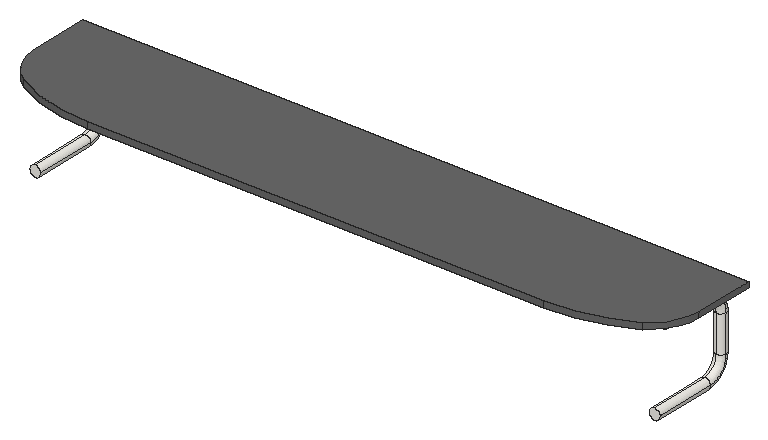
Revit family "FU_Table_Sandler_Reunion 1284", category Furniture, Revit 2020
Family settings
  OmniClass Number = 23.40.20.00
  OmniClass Title = General Furniture and Specialties
  Work Plane-Based = No
  Always vertical = Yes
  Cut with Voids When Loaded = No
  Shared = No
  Room Calculation Point = No
Parameters (values of type "Reunion 1284")
  Width = 1120 mm
  URL = "https://www.sandlerseating.com/product/reunion-1284/"
  Shelf Material [instance] = FENIX - Black
  Model = "Reunion 1284"
  Manufacturer = "Sandler"
  Height = 844.244 mm
  Frame Material [instance] = Metal - Paint -AL VR - Pure White
  Description = "Shelf for Reunion Desk. L.120cm. A conveniently attached shelf for keeping the workspace tidy."
  Depth = 210 mm
  Default Elevation = 0 mm
Reference planes
  plane 1 "Center (Front/Back)": y = 0
  plane 2: z = 0
  plane 3 "Center (Left/Right)": x = 0
  plane 4 "Right": x = -560
  plane 5 "Left": x = 560
  plane 6 "Back": y = 340.855
  plane 7 "Front": y = 130.855
  plane 8 "Height": z = 844.244
  plane 9 "Top Base": z = 834.244
  plane 10 "Top Support R FRONT": x = -520.971
  plane 11 "Top Support L FRONT": x = 520.971
  plane 12 "R Top Curve TOP": x = -370.775
  plane 13 "L Top Curve TOP": x = 370.775
Forms (mm)
  Sweep 1, solid, material "Metal - Paint -AL VR - Pure White" <- "Frame Material"
    path origin (520.971, 0, 0) x (0, 0, 1) y (0, -1, 0)
      loop
        line (825.244, -210.959) -> (825.244, -296.974)
        arc (825.244, -296.974) -> (815.283, -321.022) -> (791.234, -330.983) r 34.009
        line (791.234, -330.983) -> (729.244, -330.983)
        arc (729.244, -330.983) -> (705.202, -321.025) -> (695.244, -296.983) r 34
        line (695.244, -296.983) -> (695.244, -192.954)
    profile "Pro_Circles : 18mm" origin (520.971, 253.966, 825.244) x (0, 0, -1) y (-1, 0, 0)
      loop
        arc (-8.967, 0.067) -> (-6.408, -6.313) -> (-0.067, -8.967) r 8.901
        arc (-0.067, -8.967) -> (6.361, -6.361) -> (8.967, 0.067) r 8.901
        arc (8.967, 0.067) -> (6.313, 6.407) -> (-0.067, 8.967) r 8.901
        arc (-0.067, 8.967) -> (-6.36, 6.36) -> (-8.967, 0.067) r 8.9
  Sweep 2, solid, material "Metal - Paint -AL VR - Pure White" <- "Frame Material"
    path origin (-520.971, 0, 0) x (0, 0, 1) y (0, -1, 0)
      loop
        line (825.244, -210.959) -> (825.244, -296.974)
        arc (825.244, -296.974) -> (815.283, -321.022) -> (791.234, -330.983) r 34.009
        line (791.234, -330.983) -> (729.244, -330.983)
        arc (729.244, -330.983) -> (705.202, -321.025) -> (695.244, -296.983) r 34
        line (695.244, -296.983) -> (695.244, -192.954)
    profile "Pro_Circles : 18mm" origin (-520.971, 253.966, 825.244) x (0, 0, 1) y (1, 0, 0)
      loop
        arc (8.967, 0.067) -> (6.36, 6.36) -> (0.067, 8.967) r 8.9
        arc (0.067, 8.967) -> (-6.313, 6.407) -> (-8.967, 0.067) r 8.901
        arc (-8.967, 0.067) -> (-6.361, -6.361) -> (0.067, -8.967) r 8.901
        arc (0.067, -8.967) -> (6.408, -6.313) -> (8.967, 0.067) r 8.901
  Extrusion 3, solid, material "FENIX - Black" <- "Shelf Material"
    sketch origin (0, 0, 834.244) x (-1, 0, 0) y (0, -1, 0)
      loop
        line (560, -340) -> (560, -237.105)
        arc (560, -237.105) -> (548.657, -197.029) -> (520.343, -166.482) r 89.132
        arc (520.343, -166.482) -> (454.301, -140.659) -> (384.07, -130.855) r 303.693
        line (384.07, -130.855) -> (-383.943, -130.855)
        arc (-383.943, -130.855) -> (-454.606, -140.773) -> (-521.005, -166.904) r 303.693
        arc (-521.005, -166.904) -> (-548.69, -197.029) -> (-560, -236.35) r 89.132
        line (-560, -236.35) -> (-560, -340) -> (560, -340)
    from 0 to 10
Lines and regions (mm)
  reference lines
    curve 1: line (520.971, 212.967, 816.244) -> (520.971, 212.967, 834.244)
    curve 2: line (520.971, 296.967, 816.244) -> (520.971, 296.967, 834.244)
    curve 3: line (520.971, 321.967, 791.244) -> (520.971, 340, 791.244)
    curve 4: line (520.971, 322.033, 729.244) -> (520.971, 339.967, 729.244)
    curve 5: line (520.971, 297.025, 704.244) -> (520.971, 297.025, 686.244)
    curve 6: line (520.971, 192.954, 704.244) -> (520.971, 192.954, 686.244)
    curve 7: line (-520.971, 162.642, 834.244) -> (-520.971, 170.625, 834.244)
    curve 8: line (-523.779, 166.904, 834.244) -> (-518.231, 166.904, 834.244)
Dimensions and locks
  equal spacing: plane 4 "Right", plane 3 "Center (Left/Right)", plane 5 "Left"
  "Width": plane 4 "Right" to plane 5 "Left"
  plane 6 "Back" to plane 7 "Front" to plane 1 "Center (Front/Back)" = 210 mm, 130.855 mm
  "Depth": plane 6 "Back" to plane 7 "Front"
  "Height": plane 8 "Height" to level
  plane 9 "Top Base" to level = 834.244 mm
  plane 4 "Right" to plane 10 "Top Support R FRONT" to plane 12 "R Top Curve TOP" = 39.029 mm locked, 150.196 mm locked
  plane 13 "L Top Curve TOP" to plane 11 "Top Support L FRONT" to plane 5 "Left" = 150.196 mm locked, 39.029 mm locked
  aligned and locked: level to plane 2
Automatic sketch dimensions
  curve 1 to plane 9 "Top Base" = 0 mm
  curve 2 to plane 9 "Top Base" = 0 mm
  plane 6 "Back" to curve 3 = 0.855 mm
  plane 9 "Top Base" to curve 1 = 18 mm
  plane 9 "Top Base" to curve 2 = 18 mm
  plane 9 "Top Base" to curve 3 = 43 mm
  plane 6 "Back" to curve 4 = 18.823 mm
  curve 4 to curve 3 = 62 mm
  curve 6 to curve 1 = 112 mm
  curve 5 to curve 4 = 25 mm
  curve 6 to curve 6 = 18.001 mm
  curve 5 to curve 5 = 18.001 mm
  plane 6 "Back" to curve 4 = 0.889 mm
  curve 3 to curve 3 = 18.033 mm
  plane 6 "Back" to curve 5 = 43.831 mm
  curve 3 to curve 2 = 25 mm
  curve 1 to plane 7 "Front" = 82.111 mm
  curve 6 to plane 7 "Front" = 62.098 mm
  plane 6 "Back" to Sweep 1 sketch curve = 43.872 mm
  plane 9 "Top Base" to Sweep 1 sketch curve = 139 mm
  plane 6 "Back" to Sweep 1 sketch curve = 9.872 mm
  plane 9 "Top Base" to Sweep 1 sketch curve = 43.009 mm
  plane 9 "Top Base" to Sweep 1 sketch curve = 9 mm
  Sweep 1 sketch curve to plane 7 "Front" = 80.104 mm
  Sweep 1 sketch curve to plane 7 "Front" = 62.098 mm
  curve 7 to plane 10 "Top Support R FRONT" = 0 mm
  plane 7 "Front" to curve 7 = 39.769 mm
  plane 10 "Top Support R FRONT" to curve 8 = 2.741 mm
  curve 8 to plane 10 "Top Support R FRONT" = 2.808 mm
  curve 7 to curve 8 = 3.72 mm
  curve 8 to curve 7 = 4.263 mm
  Extrusion 3 sketch curve to plane 5 "Left" = 0 mm
  Extrusion 3 sketch curve to plane 4 "Right" = 0 mm
  plane 11 "Top Support L FRONT" to Extrusion 3 sketch curve = 49.999 mm
  plane 13 "L Top Curve TOP" to Extrusion 3 sketch curve = 6.584 mm
  plane 12 "R Top Curve TOP" to Extrusion 3 sketch curve = 6.711 mm
  plane 12 "R Top Curve TOP" to Extrusion 3 sketch curve = 13.295 mm
  plane 10 "Top Support R FRONT" to Extrusion 3 sketch curve = 50.032 mm
  Extrusion 3 sketch curve to plane 6 "Back" = 103.751 mm
  Extrusion 3 sketch curve to Extrusion 3 sketch curve = 109.814 mm
  Extrusion 3 sketch curve to Extrusion 3 sketch curve = 3.565 mm
  Extrusion 3 sketch curve to plane 6 "Back" = 0.855 mm
  plane 6 "Back" to Extrusion 3 sketch curve = 93.622 mm  (x2)
  Extrusion 3 sketch curve to plane 11 "Top Support L FRONT" = 0.033 mm
  plane 13 "L Top Curve TOP" to Extrusion 3 sketch curve = 13.168 mm
  Extrusion 3 sketch curve to plane 7 "Front" = 0 mm
  Sweep 2 sketch curve to plane 6 "Back" = 43.872 mm
  Sweep 2 sketch curve to plane 9 "Top Base" = 139 mm
  Sweep 2 sketch curve to plane 6 "Back" = 9.872 mm
  Sweep 2 sketch curve to plane 9 "Top Base" = 43.009 mm
  Sweep 2 sketch curve to plane 9 "Top Base" = 9 mm
  plane 7 "Front" to Sweep 2 sketch curve = 80.104 mm
  plane 7 "Front" to Sweep 2 sketch curve = 62.098 mm
